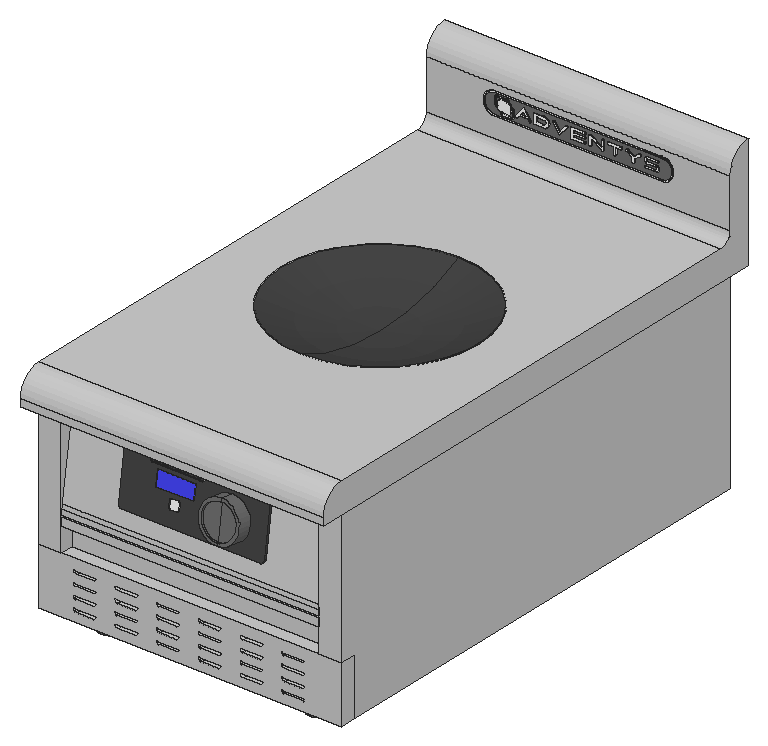
Revit family "QF_ADVENTYS_SKWI_3600_250903103730", category Specialty Equipment, Revit 2021
Family settings
  Round Connector Dimension = Use Diameter
  Part Type = Normal
  OmniClass Number = 23.40.40.14
  OmniClass Title = Food Service Equipment
  Work Plane-Based = No
  Always vertical = Yes
  Cut with Voids When Loaded = No
  Shared = No
  Room Calculation Point = No
Parameters (values of type "ADV2185")
  Weight in Pounds [instance] = 0
  Weight = 24.00 kg
  Warranty Start Date [instance] = ""
  Warranty Duration [instance] = ""
  Volts [instance] = 400 V
  URL Recommended Spares List = ""
  URL Manufacturer = ""
  URL Cutsheet = ""
  URL Critical Spares List = ""
  URL = "www.adventys.com"
  Tag Number [instance] = ""
  Status [instance] = ""
  Specification by User [instance] = ""
  Specification by Manufacturer [instance] = ""
  Sound Level [instance] = ""
  Solid Fuel Type [instance] = ""
  Service Life Duration [instance] = ""
  Serial Number [instance] = ""
  Seismic Rating [instance] = ""
  SMACNA No [instance] = ""
  Revision Code [instance] = ""
  Revision [instance] = ""
  Production Year [instance] = ""
  Point Load [instance] = 0
  Phase [instance] = 3
  Other Equipment Approvals [instance] = ""
  Number of Poles [instance] = 3
  NAFEM Spec ID Number [instance] = ""
  Model Warning [instance] = ""
  Model = "SKWI 3600"
  Min Ckt Ampacity [instance] = 0 A
  Max Overcurrent Protection [instance] = 10 A
  Masterspec [instance] = ""
  Manufacturer = "ADVENTYS"
  Length Actual = 400 mm
  Item Number [instance] = ""
  Installed By [instance] = ""
  Installation Date [instance] = ""
  Identify Quantity as Lot [instance] = no
  ID [instance] = ""
  Hygiene Approval [instance] = ""
  Hot Water Consumption = 0.0 L/s
  Height Actual = 310 mm
  HP power [instance] = ""
  Furnished By [instance] = ""
  Foodservice Equipment Identifier [instance] = no
  FL Amps [instance] = 5 A
  Electrical Remarks [instance] = "Plug not included"
  Electric power [instance] = 0 W
  Electric Connection Type [instance] = "Cord&Plug"
  Elec Conn RI Height [instance] = 0 mm
  Elec Conn Connection Height [instance] = 0 mm
  ETL Approved [instance] = no
  Description = "INDUCTION WOK MODULE"
  Depth Actual = 700 mm
  Default Elevation = 0 mm
  Cycle [instance] = 50 Hz
  Cost = 0
  Conn Plug [instance] = ""
  Conn Conduit [instance] = no
  CSI MasterFormat [instance] = ""
  CE Approved [instance] = no
  Barcode [instance] = 0
  Author [instance] = ""
  Asset Identifier [instance] = ""
  Apparent Power [instance] = 3600 VA
  Accessory = no
Reference planes
  plane 1 "Center (Front/Back)": y = 0
  plane 2: z = 0
  plane 3 "Center (Left/Right)": x = 0
Forms (mm)
  Extrusion 1, solid, not visible
    sketch origin (200.01, -32.002, 50.002) x (1, 0, 0) y (0, 1, 0)
      loop
        line (-2, 2) -> (-2, -2) -> (2, -2) -> (2, 2) -> (-2, 2)
    from -2 to 2
Dimensions and locks
  locked: Extrusion 1 to nested 2
  locked: nested 2 to Extrusion 1 at 2
  aligned and locked: level to plane 2
Nested families
  nested 1: "QF_ADVENTYS_ADV2185_2916" at (0, 0, 0), type "ADV2185"
    with Status "", Show Logo yes, Show Clearance yes
  nested 2: "CONN_POINT_ELE_2D___Generic_Annotation" at (200.01, -30.001, 50.002), type "CONN_POINT_ELE_2D___Generic_Annotation"
    with Onboard connection annotation symbol visibility yes
Connectors
  electrical at (200.01, -30.001, 50.002), driven by "Apparent Power", driven by "Number of Poles", driven by "Volts"
    settings: on Extrusion 1, index 1, voltage 400 V, apparent load 0 VA, apparent load phase1 3600 VA, apparent load phase2 0 VA, apparent load phase3 0 VA, power factor 1, load classification "Other", number of poles 3, system type 31, power factor state 1, is connector primary yes, connector utility no, sub classification motor no, connector description "Electrical connection for SKWI 3600"
Definition of nested family "QF_ADVENTYS_ADV2185_2916"
  Parameters (values of type "ADV2185")
    URL = "www.adventys.com"
    Status [instance] = ""
    Show Logo [instance] = yes
    Show Clearance [instance] = yes
    Model = "SKWI 3600"
    Manufacturer = "ADVENTYS"
    Description = "INDUCTION WOK MODULE"
    Default Elevation = 0 mm
    Author = "SPECIFI"
    Assembly Code = "E1090320"
  Reference planes
    plane 1 "Back": y = 0
    plane 2: z = 0
    plane 3 "Left": x = 0
    plane 4 "Right": x = 400
    plane 5 "Front": y = -700
    plane 6 "Top": z = 310
  Forms (mm)
    Extrusion 1, solid
      sketch origin (0, -550, -8.601) x (0, 1, 0) y (0, 0, 1)
        loop
          line (-150, 278.601) -> (550, 278.601) -> (550, 428.601)
          arc (550, 428.601) -> (528.787, 419.815) -> (520, 398.601) r 30
          line (520, 398.601) -> (520, 333.601)
          arc (520, 333.601) -> (515.607, 322.995) -> (505, 318.601) r 15
          line (505, 318.601) -> (-120, 318.601)
          arc (-120, 318.601) -> (-141.213, 309.815) -> (-150, 288.601) r 30
          line (-150, 288.601) -> (-150, 278.601)
      from 0 to 400
    Extrusion 2, solid, visible <- "Show Logo"
      sketch origin (66.717, 146.57, 781.431) x (1, 0, 0) y (0, 0, 1)
        loop
          arc (26.945, -405.612) -> (25.297, -406.294) -> (24.615, -407.942) r 2.329
          line (24.615, -407.942) -> (24.615, -413.701)
          arc (24.615, -413.701) -> (25.333, -415.383) -> (27.044, -416.028) r 2.329
          line (27.044, -416.028) -> (27.044, -411.667)
          arc (27.044, -411.667) -> (28.249, -409.269) -> (30.753, -408.302) r 3.727
          line (30.753, -408.302) -> (40.699, -408.302)
          arc (40.699, -408.302) -> (40.168, -406.427) -> (38.398, -405.612) r 2.329
          line (38.398, -405.612) -> (26.945, -405.612)
        loop
          arc (26.945, -404.215) -> (24.309, -405.306) -> (23.218, -407.942) r 3.727
          line (23.218, -407.942) -> (23.218, -413.701)
          arc (23.218, -413.701) -> (24.345, -416.371) -> (27.044, -417.427) r 3.727
          arc (27.044, -417.427) -> (27.999, -420.299) -> (30.77, -421.516) r 3.727
          arc (30.77, -421.516) -> (31.85, -424.173) -> (34.497, -425.277) r 3.727
          line (34.497, -425.277) -> (45.04, -425.277)
          arc (45.04, -425.277) -> (47.676, -424.185) -> (48.767, -421.55) r 3.727
          line (48.767, -421.55) -> (48.767, -416.154)
          arc (48.767, -416.154) -> (47.662, -413.505) -> (45.002, -412.427) r 3.727
          arc (45.002, -412.427) -> (44.322, -409.853) -> (42.098, -408.389) r 3.727
          arc (42.098, -408.389) -> (41.187, -405.47) -> (38.398, -404.215) r 3.727
          line (38.398, -404.215) -> (26.945, -404.215)
        loop
          arc (45.04, -423.879) -> (46.687, -423.197) -> (47.37, -421.55) r 2.329
          line (47.37, -421.55) -> (47.37, -416.154)
          arc (47.37, -416.154) -> (46.681, -414.501) -> (45.023, -413.825) r 2.329
          line (45.023, -413.825) -> (45.023, -417.789)
          arc (45.023, -417.789) -> (43.932, -420.424) -> (41.297, -421.516) r 3.727
          line (41.297, -421.516) -> (32.168, -421.516)
          arc (32.168, -421.516) -> (32.838, -423.185) -> (34.497, -423.879) r 2.329
          line (34.497, -423.879) -> (45.04, -423.879)
        loop
          arc (51.474, -419.149) -> (51.62, -421.006) -> (53.482, -420.957) r 1.353
          line (53.482, -420.957) -> (56.052, -418.386) -> (66.256, -418.386) -> (68.827, -420.957)
          arc (68.827, -420.957) -> (70.688, -421.006) -> (70.834, -419.149) r 1.353
          line (70.834, -419.149) -> (61.154, -407.195) -> (51.474, -419.149)
        loop
          line (61.154, -412) -> (57.878, -416.046) -> (64.43, -416.046) -> (61.154, -412)
        loop
          line (75.318, -407.422) -> (75.318, -421.177) -> (88.277, -421.177)
          arc (88.277, -421.177) -> (95.155, -414.299) -> (88.277, -407.422) r 6.877
          line (88.277, -407.422) -> (75.318, -407.422)
        loop
          line (88.277, -411.041) -> (78.937, -411.041) -> (78.937, -417.558) -> (88.277, -417.558)
          arc (88.277, -417.558) -> (91.536, -414.299) -> (88.277, -411.041) r 3.259
        loop
          arc (101.821, -408.219) -> (99.959, -408.171) -> (99.813, -410.027) r 1.353
          line (99.813, -410.027) -> (109.493, -421.981) -> (119.174, -410.027)
          arc (119.174, -410.027) -> (119.028, -408.171) -> (117.166, -408.219) r 1.353
          line (117.166, -408.219) -> (109.493, -417.694) -> (101.821, -408.219)
        loop
          line (142.076, -407.26) -> (123.764, -407.26) -> (123.764, -421.177) -> (142.076, -421.177)
          arc (142.076, -421.177) -> (143.489, -419.764) -> (142.076, -418.35) r 1.413
          line (142.076, -418.35) -> (126.938, -418.35) -> (126.938, -415.564) -> (142.076, -415.564)
          arc (142.076, -415.564) -> (143.355, -414.285) -> (142.076, -413.006) r 1.279
          line (142.076, -413.006) -> (126.938, -413.006) -> (126.938, -410.087) -> (142.076, -410.087)
          arc (142.076, -410.087) -> (143.489, -408.673) -> (142.076, -407.26) r 1.413
        loop
          line (147.746, -409.199) -> (147.746, -419.562)
          arc (147.746, -419.562) -> (149.249, -421.066) -> (150.753, -419.562) r 1.504
          line (150.753, -419.562) -> (150.753, -411.984) -> (164.154, -420.358)
          arc (164.154, -420.358) -> (166.328, -420.415) -> (167.432, -418.542) r 2.142
          line (167.432, -418.542) -> (167.432, -408.927)
          arc (167.432, -408.927) -> (165.846, -407.341) -> (164.26, -408.927) r 1.586
          line (164.26, -408.927) -> (164.26, -416.262) -> (150.507, -407.668)
          arc (150.507, -407.668) -> (148.676, -407.62) -> (147.746, -409.199) r 1.805
        loop
          arc (173.786, -407.529) -> (172.045, -409.271) -> (173.786, -411.012) r 1.741
          line (173.786, -411.012) -> (180.099, -411.012) -> (180.099, -418.888)
          arc (180.099, -418.888) -> (181.773, -420.563) -> (183.448, -418.888) r 1.675
          line (183.448, -418.888) -> (183.448, -411.012) -> (189.463, -411.012)
          arc (189.463, -411.012) -> (191.205, -409.271) -> (189.463, -407.529) r 1.741
          line (189.463, -407.529) -> (173.786, -407.529)
        loop
          line (206.15, -412.172) -> (199.243, -407.513)
          arc (199.243, -407.513) -> (196.903, -407.967) -> (197.358, -410.307) r 1.685
          line (197.358, -410.307) -> (204.265, -414.966) -> (204.265, -418.978)
          arc (204.265, -418.978) -> (206.15, -420.863) -> (208.035, -418.978) r 1.885
          line (208.035, -418.978) -> (208.035, -414.966) -> (214.942, -410.307)
          arc (214.942, -410.307) -> (215.397, -407.967) -> (213.057, -407.513) r 1.685
          line (213.057, -407.513) -> (206.15, -412.172)
        loop
          line (237.989, -407.529) -> (224.935, -407.529)
          arc (224.935, -407.529) -> (220.943, -411.522) -> (224.935, -415.515) r 3.993
          line (224.935, -415.515) -> (235.702, -415.515)
          arc (235.702, -415.515) -> (237.157, -416.969) -> (235.702, -418.424) r 1.455
          line (235.702, -418.424) -> (222.585, -418.424)
          arc (222.585, -418.424) -> (221.382, -419.627) -> (222.585, -420.83) r 1.203
          line (222.585, -420.83) -> (236.992, -420.83)
          arc (236.992, -420.83) -> (239.726, -416.462) -> (235.818, -413.103) r 3.953
          line (235.818, -413.103) -> (224.727, -413.103)
          arc (224.727, -413.103) -> (223.143, -411.519) -> (224.727, -409.936) r 1.584
          line (224.727, -409.936) -> (237.989, -409.936)
          arc (237.989, -409.936) -> (239.192, -408.732) -> (237.989, -407.529) r 1.203
        loop
          arc (22.934, -401.559) -> (9.66, -414.832) -> (22.934, -428.106) r 13.274
          line (22.934, -428.106) -> (243.631, -428.106)
          arc (243.631, -428.106) -> (256.905, -414.832) -> (243.631, -401.559) r 13.274
          line (243.631, -401.559) -> (22.934, -401.559)
        loop
          arc (22.934, -400.181) -> (8.283, -414.832) -> (22.934, -429.484) r 14.651
          line (22.934, -429.484) -> (243.631, -429.484)
          arc (243.631, -429.484) -> (258.283, -414.832) -> (243.631, -400.181) r 14.651
          line (243.631, -400.181) -> (22.934, -400.181)
      from 176.77 to 176.97
    Extrusion 3, solid, visible <- "Show Logo"
      sketch origin (66.717, -30.4, 781.431) x (1, 0, 0) y (0, 0, 1)
        loop
          arc (243.631, -429.484) -> (258.283, -414.832) -> (243.631, -400.181) r 14.651
          line (243.631, -400.181) -> (22.934, -400.181)
          arc (22.934, -400.181) -> (8.283, -414.832) -> (22.934, -429.484) r 14.651
          line (22.934, -429.484) -> (243.631, -429.484)
      from -0.2 to -0.4
    Extrusion 4, solid
      sketch origin (0, -550, -8.601) x (0, -1, 0) y (0, 0, 1)
        loop
          line (-520, 278.601) -> (-520, 28.601) -> (100, 28.601) -> (100, 103.601) -> (120, 103.601) -> (120, 278.601) -> (-520, 278.601)
      from 0 to -30
    Extrusion 5, solid
      sketch origin (370, -550, -8.601) x (0, -1, 0) y (0, 0, 1)
        loop
          line (-520, 278.601) -> (-520, 28.601) -> (100, 28.601) -> (100, 103.601) -> (120, 103.601) -> (120, 278.601) -> (-520, 278.601)
      from 0 to -30
    Extrusion 6, solid
      sketch origin (0, -550, 44.054) x (0, -1, 0) y (0, 0, 1)
        loop
          line (120, 93.601) -> (100, 93.601) -> (100, 50.946) -> (102, 50.946) -> (102, 91.579) -> (118, 91.579) -> (118, 83.601) -> (120, 83.601) -> (120, 93.601)
      from -370 to -30
    Extrusion 7, solid
      sketch origin (0, -550, -8.601) x (0, -1, 0) y (0, 0, 1)
        loop
          line (120, 148.757) -> (120, 155.573)
          arc (120, 155.573) -> (119.875, 158.747) -> (119.502, 161.902) r 40.459
          line (119.502, 161.902) -> (101.019, 278.601) -> (-520, 278.601) -> (-520, 28.601) -> (100, 28.601) -> (100, 148.757) -> (120, 148.757)
      from -370 to -30
    Extrusion 8, solid
      sketch origin (45, -464.968, 530.558) x (1, 0, 0) y (0, 0.156434, 0.987688)
        loop
          arc (246, -384.032) -> (249.536, -382.568) -> (251, -379.032) r 5
          line (251, -379.032) -> (251, -312.032)
          arc (251, -312.032) -> (249.536, -308.496) -> (246, -307.032) r 5
          line (246, -307.032) -> (64, -307.032)
          arc (64, -307.032) -> (60.464, -308.496) -> (59, -312.032) r 5
          line (59, -312.032) -> (59, -379.032)
          arc (59, -379.032) -> (60.464, -382.568) -> (64, -384.032) r 5
          line (64, -384.032) -> (246, -384.032)
        loop
          line (103.227, -325.532) -> (103.227, -345.532) -> (153.227, -345.532) -> (153.227, -325.532) -> (103.227, -325.532)
        loop
          line (133.603, -351.749) -> (125.558, -351.749)
          arc (125.558, -351.749) -> (123.781, -352.485) -> (123.045, -354.262) r 2.513
          line (123.045, -354.262) -> (123.045, -361.802)
          arc (123.045, -361.802) -> (123.781, -363.579) -> (125.558, -364.315) r 2.513
          line (125.558, -364.315) -> (133.603, -364.315)
          arc (133.603, -364.315) -> (135.38, -363.579) -> (136.116, -361.802) r 2.513
          line (136.116, -361.802) -> (136.116, -354.262)
          arc (136.116, -354.262) -> (135.38, -352.485) -> (133.603, -351.749) r 2.513
      from 143 to 145
    Extrusion 9, solid
      sketch origin (22.5, -464.968, 530.558) x (1, 0, 0) y (0, 0.156434, 0.987688)
        loop
          line (156.103, -351.749) -> (148.058, -351.749)
          arc (148.058, -351.749) -> (146.281, -352.485) -> (145.545, -354.262) r 2.513
          line (145.545, -354.262) -> (145.545, -361.802)
          arc (145.545, -361.802) -> (146.281, -363.579) -> (148.058, -364.315) r 2.513
          line (148.058, -364.315) -> (156.103, -364.315)
          arc (156.103, -364.315) -> (157.88, -363.579) -> (158.616, -361.802) r 2.513
          line (158.616, -361.802) -> (158.616, -354.262)
          arc (158.616, -354.262) -> (157.88, -352.485) -> (156.103, -351.749) r 2.513
      from 143 to 145
    Extrusion 10, solid
      sketch origin (65, -465.906, 524.632) x (1, 0, 0) y (0, 0.156434, 0.987688)
        loop
          line (83.227, -319.532) -> (83.227, -339.532) -> (133.227, -339.532) -> (133.227, -319.532) -> (83.227, -319.532)
      from 143 to 145
    Revolve 11, solid
      sketch origin (250, -468.414, 359.459) x (0, 0.156434, 0.987688) y (0, -0.987688, 0.156434)
        loop
          line (-176, 168.362) -> (-160.729, 168.362) -> (-160.729, 173.362) -> (-149.125, 173.362) -> (-149.125, 191.544) -> (-153.125, 191.544) -> (-153.125, 189.544) -> (-176, 189.544) -> (-176, 168.362)
        axis (-176, 191.544) -> (-176, 168.362)
      angle from 0 to 360
    Extrusion 12, solid
      sketch origin (2.404, -670, 20) x (1, 0, 0) y (0, 0, 1)
        loop
          line (-2.404, 75) -> (-2.404, 0) -> (397.596, 0) -> (397.596, 75) -> (-2.404, 75)
        loop
          arc (43.912, 61.172) -> (44.726, 58.129) -> (47.581, 56.797) r 3.726
          line (47.581, 56.797) -> (70.579, 56.797)
          arc (70.579, 56.797) -> (73.434, 58.129) -> (74.248, 61.172) r 3.726
          line (74.248, 61.172) -> (43.912, 61.172)
        loop
          arc (98.912, 61.172) -> (99.726, 58.129) -> (102.581, 56.797) r 3.726
          line (102.581, 56.797) -> (125.579, 56.797)
          arc (125.579, 56.797) -> (128.434, 58.129) -> (129.248, 61.172) r 3.726
          line (129.248, 61.172) -> (98.912, 61.172)
        loop
          arc (153.912, 61.172) -> (154.726, 58.129) -> (157.581, 56.797) r 3.726
          line (157.581, 56.797) -> (180.579, 56.797)
          arc (180.579, 56.797) -> (183.434, 58.129) -> (184.248, 61.172) r 3.726
          line (184.248, 61.172) -> (153.912, 61.172)
        loop
          arc (208.912, 61.172) -> (209.726, 58.129) -> (212.581, 56.797) r 3.726
          line (212.581, 56.797) -> (235.579, 56.797)
          arc (235.579, 56.797) -> (238.434, 58.129) -> (239.248, 61.172) r 3.726
          line (239.248, 61.172) -> (208.912, 61.172)
        loop
          arc (263.912, 61.172) -> (264.726, 58.129) -> (267.581, 56.797) r 3.726
          line (267.581, 56.797) -> (290.579, 56.797)
          arc (290.579, 56.797) -> (293.434, 58.129) -> (294.248, 61.172) r 3.726
          line (294.248, 61.172) -> (263.912, 61.172)
        loop
          arc (318.912, 61.172) -> (319.726, 58.129) -> (322.581, 56.797) r 3.726
          line (322.581, 56.797) -> (345.579, 56.797)
          arc (345.579, 56.797) -> (348.434, 58.129) -> (349.248, 61.172) r 3.726
          line (349.248, 61.172) -> (318.912, 61.172)
        loop
          arc (43.912, 46.172) -> (44.726, 43.129) -> (47.581, 41.797) r 3.726
          line (47.581, 41.797) -> (70.579, 41.797)
          arc (70.579, 41.797) -> (73.434, 43.129) -> (74.248, 46.172) r 3.726
          line (74.248, 46.172) -> (43.912, 46.172)
        loop
          arc (98.912, 46.172) -> (99.726, 43.129) -> (102.581, 41.797) r 3.726
          line (102.581, 41.797) -> (125.579, 41.797)
          arc (125.579, 41.797) -> (128.434, 43.129) -> (129.248, 46.172) r 3.726
          line (129.248, 46.172) -> (98.912, 46.172)
        loop
          arc (153.912, 46.172) -> (154.726, 43.129) -> (157.581, 41.797) r 3.726
          line (157.581, 41.797) -> (180.579, 41.797)
          arc (180.579, 41.797) -> (183.434, 43.129) -> (184.248, 46.172) r 3.726
          line (184.248, 46.172) -> (153.912, 46.172)
        loop
          arc (208.912, 46.172) -> (209.726, 43.129) -> (212.581, 41.797) r 3.726
          line (212.581, 41.797) -> (235.579, 41.797)
          arc (235.579, 41.797) -> (238.434, 43.129) -> (239.248, 46.172) r 3.726
          line (239.248, 46.172) -> (208.912, 46.172)
        loop
          arc (263.912, 46.172) -> (264.726, 43.129) -> (267.581, 41.797) r 3.726
          line (267.581, 41.797) -> (290.579, 41.797)
          arc (290.579, 41.797) -> (293.434, 43.129) -> (294.248, 46.172) r 3.726
          line (294.248, 46.172) -> (263.912, 46.172)
        loop
          arc (318.912, 46.172) -> (319.726, 43.129) -> (322.581, 41.797) r 3.726
          line (322.581, 41.797) -> (345.579, 41.797)
          arc (345.579, 41.797) -> (348.434, 43.129) -> (349.248, 46.172) r 3.726
          line (349.248, 46.172) -> (318.912, 46.172)
        loop
          arc (43.912, 31.172) -> (44.726, 28.129) -> (47.581, 26.797) r 3.726
          line (47.581, 26.797) -> (70.579, 26.797)
          arc (70.579, 26.797) -> (73.434, 28.129) -> (74.248, 31.172) r 3.726
          line (74.248, 31.172) -> (43.912, 31.172)
        loop
          arc (98.912, 31.172) -> (99.726, 28.129) -> (102.581, 26.797) r 3.726
          line (102.581, 26.797) -> (125.579, 26.797)
          arc (125.579, 26.797) -> (128.434, 28.129) -> (129.248, 31.172) r 3.726
          line (129.248, 31.172) -> (98.912, 31.172)
        loop
          arc (153.912, 31.172) -> (154.726, 28.129) -> (157.581, 26.797) r 3.726
          line (157.581, 26.797) -> (180.579, 26.797)
          arc (180.579, 26.797) -> (183.434, 28.129) -> (184.248, 31.172) r 3.726
          line (184.248, 31.172) -> (153.912, 31.172)
        loop
          arc (208.912, 31.172) -> (209.726, 28.129) -> (212.581, 26.797) r 3.726
          line (212.581, 26.797) -> (235.579, 26.797)
          arc (235.579, 26.797) -> (238.434, 28.129) -> (239.248, 31.172) r 3.726
          line (239.248, 31.172) -> (208.912, 31.172)
        loop
          arc (263.912, 31.172) -> (264.726, 28.129) -> (267.581, 26.797) r 3.726
          line (267.581, 26.797) -> (290.579, 26.797)
          arc (290.579, 26.797) -> (293.434, 28.129) -> (294.248, 31.172) r 3.726
          line (294.248, 31.172) -> (263.912, 31.172)
        loop
          arc (318.912, 31.172) -> (319.726, 28.129) -> (322.581, 26.797) r 3.726
          line (322.581, 26.797) -> (345.579, 26.797)
          arc (345.579, 26.797) -> (348.434, 28.129) -> (349.248, 31.172) r 3.726
          line (349.248, 31.172) -> (318.912, 31.172)
        loop
          arc (43.912, 16.172) -> (44.726, 13.129) -> (47.581, 11.797) r 3.726
          line (47.581, 11.797) -> (70.579, 11.797)
          arc (70.579, 11.797) -> (73.434, 13.129) -> (74.248, 16.172) r 3.726
          line (74.248, 16.172) -> (43.912, 16.172)
        loop
          arc (98.912, 16.172) -> (99.726, 13.129) -> (102.581, 11.797) r 3.726
          line (102.581, 11.797) -> (125.579, 11.797)
          arc (125.579, 11.797) -> (128.434, 13.129) -> (129.248, 16.172) r 3.726
          line (129.248, 16.172) -> (98.912, 16.172)
        loop
          arc (153.912, 16.172) -> (154.726, 13.129) -> (157.581, 11.797) r 3.726
          line (157.581, 11.797) -> (180.579, 11.797)
          arc (180.579, 11.797) -> (183.434, 13.129) -> (184.248, 16.172) r 3.726
          line (184.248, 16.172) -> (153.912, 16.172)
        loop
          arc (208.912, 16.172) -> (209.726, 13.129) -> (212.581, 11.797) r 3.726
          line (212.581, 11.797) -> (235.579, 11.797)
          arc (235.579, 11.797) -> (238.434, 13.129) -> (239.248, 16.172) r 3.726
          line (239.248, 16.172) -> (208.912, 16.172)
        loop
          arc (263.912, 16.172) -> (264.726, 13.129) -> (267.581, 11.797) r 3.726
          line (267.581, 11.797) -> (290.579, 11.797)
          arc (290.579, 11.797) -> (293.434, 13.129) -> (294.248, 16.172) r 3.726
          line (294.248, 16.172) -> (263.912, 16.172)
        loop
          arc (318.912, 16.172) -> (319.726, 13.129) -> (322.581, 11.797) r 3.726
          line (322.581, 11.797) -> (345.579, 11.797)
          arc (345.579, 11.797) -> (348.434, 13.129) -> (349.248, 16.172) r 3.726
          line (349.248, 16.172) -> (318.912, 16.172)
      from 0 to -20
    Extrusion 13, solid
      sketch origin (0, 0, 0) x (1, 0, 0) y (0, 1, 0)
        loop
          circle (62.664, -630) r 15
        loop
          circle (337.336, -630) r 15
        loop
          circle (62.664, -70) r 15
        loop
          circle (337.336, -70) r 15
      from 0 to 20
    Revolve 14, solid
      sketch origin (200, -550, -8.601) x (0, 1, 0) y (0, 0, 1)
        loop
          arc (192.5, 286.606) -> (259.183, 294.144) -> (322.5, 316.378) r 298.712
          line (322.5, 316.378) -> (322.5, 318.601)
          arc (322.5, 318.601) -> (259.208, 296.202) -> (192.5, 288.606) r 296.712
          line (192.5, 288.606) -> (192.5, 286.606)
        axis (192.5, 286.606) -> (192.5, 318.601)
      angle from 0 to 360
    Extrusion 15, void
      sketch origin (0, 0, 0) x (1, 0, 0) y (0, 1, 0)
        loop
          circle (200, -357.5) r 130
      from 270 to 310
    Extrusion 16, solid
      sketch origin (54.753, -416.734, 632.002) x (1, 0, 0) y (0, 0.156434, 0.987688)
        loop
          arc (88.7, -421.254) -> (88.222, -421.452) -> (88.024, -421.93) r 0.676
          line (88.024, -421.93) -> (88.024, -423.602)
          arc (88.024, -423.602) -> (88.232, -424.091) -> (88.729, -424.278) r 0.676
          line (88.729, -424.278) -> (88.729, -423.012)
          arc (88.729, -423.012) -> (89.079, -422.316) -> (89.806, -422.035) r 1.082
          line (89.806, -422.035) -> (92.693, -422.035)
          arc (92.693, -422.035) -> (92.539, -421.491) -> (92.025, -421.254) r 0.676
          line (92.025, -421.254) -> (88.7, -421.254)
        loop
          arc (88.7, -420.848) -> (87.935, -421.165) -> (87.618, -421.93) r 1.082
          line (87.618, -421.93) -> (87.618, -423.602)
          arc (87.618, -423.602) -> (87.945, -424.378) -> (88.729, -424.684) r 1.082
          arc (88.729, -424.684) -> (89.006, -425.518) -> (89.811, -425.871) r 1.082
          arc (89.811, -425.871) -> (90.124, -426.642) -> (90.893, -426.963) r 1.082
          line (90.893, -426.963) -> (93.953, -426.963)
          arc (93.953, -426.963) -> (94.718, -426.646) -> (95.035, -425.881) r 1.082
          line (95.035, -425.881) -> (95.035, -424.315)
          arc (95.035, -424.315) -> (94.714, -423.546) -> (93.942, -423.233) r 1.082
          arc (93.942, -423.233) -> (93.745, -422.485) -> (93.099, -422.06) r 1.082
          arc (93.099, -422.06) -> (92.835, -421.213) -> (92.025, -420.848) r 1.082
          line (92.025, -420.848) -> (88.7, -420.848)
        loop
          arc (93.953, -426.557) -> (94.431, -426.359) -> (94.629, -425.881) r 0.676
          line (94.629, -425.881) -> (94.629, -424.315)
          arc (94.629, -424.315) -> (94.43, -423.835) -> (93.948, -423.638) r 0.676
          line (93.948, -423.638) -> (93.948, -424.789)
          arc (93.948, -424.789) -> (93.631, -425.554) -> (92.866, -425.871) r 1.082
          line (92.866, -425.871) -> (90.216, -425.871)
          arc (90.216, -425.871) -> (90.411, -426.355) -> (90.893, -426.557) r 0.676
          line (90.893, -426.557) -> (93.953, -426.557)
        loop
          arc (95.821, -425.184) -> (95.863, -425.723) -> (96.404, -425.709) r 0.393
          line (96.404, -425.709) -> (97.15, -424.963) -> (100.112, -424.963) -> (100.858, -425.709)
          arc (100.858, -425.709) -> (101.399, -425.723) -> (101.441, -425.184) r 0.393
          line (101.441, -425.184) -> (98.631, -421.714) -> (95.821, -425.184)
        loop
          line (98.631, -423.109) -> (97.68, -424.283) -> (99.582, -424.283) -> (98.631, -423.109)
        loop
          line (102.743, -421.78) -> (102.743, -425.773) -> (106.505, -425.773)
          arc (106.505, -425.773) -> (108.501, -423.776) -> (106.505, -421.78) r 1.997
          line (106.505, -421.78) -> (102.743, -421.78)
        loop
          line (106.505, -422.83) -> (103.793, -422.83) -> (103.793, -424.722) -> (106.505, -424.722)
          arc (106.505, -424.722) -> (107.451, -423.776) -> (106.505, -422.83) r 0.946
        loop
          arc (110.437, -422.011) -> (109.896, -421.997) -> (109.854, -422.536) r 0.393
          line (109.854, -422.536) -> (112.664, -426.006) -> (115.474, -422.536)
          arc (115.474, -422.536) -> (115.432, -421.997) -> (114.891, -422.011) r 0.393
          line (114.891, -422.011) -> (112.664, -424.762) -> (110.437, -422.011)
        loop
          line (122.122, -421.733) -> (116.807, -421.733) -> (116.807, -425.773) -> (122.122, -425.773)
          arc (122.122, -425.773) -> (122.533, -425.362) -> (122.122, -424.952) r 0.41
          line (122.122, -424.952) -> (117.728, -424.952) -> (117.728, -424.143) -> (122.122, -424.143)
          arc (122.122, -424.143) -> (122.494, -423.772) -> (122.122, -423.401) r 0.371
          line (122.122, -423.401) -> (117.728, -423.401) -> (117.728, -422.553) -> (122.122, -422.553)
          arc (122.122, -422.553) -> (122.533, -422.143) -> (122.122, -421.733) r 0.41
        loop
          line (123.768, -422.295) -> (123.768, -425.304)
          arc (123.768, -425.304) -> (124.205, -425.74) -> (124.641, -425.304) r 0.437
          line (124.641, -425.304) -> (124.641, -423.104) -> (128.532, -425.535)
          arc (128.532, -425.535) -> (129.163, -425.551) -> (129.483, -425.008) r 0.622
          line (129.483, -425.008) -> (129.483, -422.216)
          arc (129.483, -422.216) -> (129.023, -421.756) -> (128.563, -422.216) r 0.46
          line (128.563, -422.216) -> (128.563, -424.346) -> (124.57, -421.851)
          arc (124.57, -421.851) -> (124.038, -421.837) -> (123.768, -422.295) r 0.524
        loop
          arc (131.328, -421.811) -> (130.822, -422.316) -> (131.328, -422.822) r 0.506
          line (131.328, -422.822) -> (133.16, -422.822) -> (133.16, -425.108)
          arc (133.16, -425.108) -> (133.647, -425.594) -> (134.133, -425.108) r 0.486
          line (134.133, -425.108) -> (134.133, -422.822) -> (135.879, -422.822)
          arc (135.879, -422.822) -> (136.384, -422.316) -> (135.879, -421.811) r 0.506
          line (135.879, -421.811) -> (131.328, -421.811)
        loop
          line (140.723, -423.158) -> (138.718, -421.806)
          arc (138.718, -421.806) -> (138.039, -421.938) -> (138.171, -422.617) r 0.489
          line (138.171, -422.617) -> (140.176, -423.97) -> (140.176, -425.134)
          arc (140.176, -425.134) -> (140.723, -425.682) -> (141.27, -425.134) r 0.547
          line (141.27, -425.134) -> (141.27, -423.97) -> (143.275, -422.617)
          arc (143.275, -422.617) -> (143.407, -421.938) -> (142.728, -421.806) r 0.489
          line (142.728, -421.806) -> (140.723, -423.158)
        loop
          line (149.966, -421.811) -> (146.176, -421.811)
          arc (146.176, -421.811) -> (145.017, -422.97) -> (146.176, -424.129) r 1.159
          line (146.176, -424.129) -> (149.302, -424.129)
          arc (149.302, -424.129) -> (149.724, -424.551) -> (149.302, -424.973) r 0.422
          line (149.302, -424.973) -> (145.494, -424.973)
          arc (145.494, -424.973) -> (145.145, -425.323) -> (145.494, -425.672) r 0.349
          line (145.494, -425.672) -> (149.676, -425.672)
          arc (149.676, -425.672) -> (150.47, -424.404) -> (149.336, -423.429) r 1.147
          line (149.336, -423.429) -> (146.116, -423.429)
          arc (146.116, -423.429) -> (145.656, -422.969) -> (146.116, -422.509) r 0.46
          line (146.116, -422.509) -> (149.966, -422.509)
          arc (149.966, -422.509) -> (150.315, -422.16) -> (149.966, -421.811) r 0.349
        loop
          arc (87.536, -420.077) -> (83.683, -423.931) -> (87.536, -427.784) r 3.853
          line (87.536, -427.784) -> (151.604, -427.784)
          arc (151.604, -427.784) -> (155.457, -423.931) -> (151.604, -420.077) r 3.853
          line (151.604, -420.077) -> (87.536, -420.077)
        loop
          arc (87.536, -419.677) -> (83.283, -423.931) -> (87.536, -428.184) r 4.253
          line (87.536, -428.184) -> (151.604, -428.184)
          arc (151.604, -428.184) -> (155.857, -423.931) -> (151.604, -419.677) r 4.253
          line (151.604, -419.677) -> (87.536, -419.677)
      from 176.77 to 176.97
  Cuts and joins
    Extrusion 15 cuts Extrusion 1
  Lines and regions (mm)
    symbolic lines
      curve 1: line (400, -700, 0) -> (400, 0, 0)
      curve 2: line (400, 0, 0) -> (0, 0, 0)
      curve 3: line (0, 0, 0) -> (0, -700, 0)
      curve 4: line (400, -700, 0) -> (0, -700, 0)
      curve 5: line (400, -30, 0) -> (0, -30, 0)
      curve 6: line (370, -60, 0) -> (30, -60, 0)
      curve 7: line (370, -670, 0) -> (370, -60, 0)
      curve 8: line (30, -670, 0) -> (370, -670, 0)
      curve 9: line (30, -60, 0) -> (30, -670, 0)
      curve 10: arc (200, -487.5, 0) -> (330, -357.5, 0) -> (200, -227.5, 0) r 130
      curve 11: arc (200, -227.5, 0) -> (70, -357.5, 0) -> (200, -487.5, 0) r 130
  Dimensions and locks
    plane 3 "Left" to plane 4 "Right" = 400 mm
    plane 5 "Front" to plane 1 "Back" = 700 mm
    plane 6 "Top" to level = 310 mm  (x2)
    aligned and locked: level to plane 2
Definition of nested family "CONN_POINT_ELE_2D___Generic_Annotation"
  Parameters (values of type "CONN_POINT_ELE_2D___Generic_Annotation")
    Onboard connection annotation symbol visibility [instance] = yes
  Reference planes
    plane 1: y = 0
    plane 2: x = 0
  Lines and regions (mm)
    detail lines, visible <- "Onboard connection annotation symbol visibility"
      curve 1: circle (0, 0, 0) r 0.5 normal (0, 0, 1)
      curve 2: line (-1, 0, 0) -> (1, 0, 0)
      curve 3: line (0, 1, 0) -> (0, -1, 0)
      curve 4: line (2.5, 1, 0) -> (1.25, 1, 0)
      curve 5: line (1.25, 1, 0) -> (1.25, -1, 0)
      curve 6: line (1.25, -1, 0) -> (2.5, -1, 0)
      curve 7: line (1.25, 0, 0) -> (2, 0, 0)
